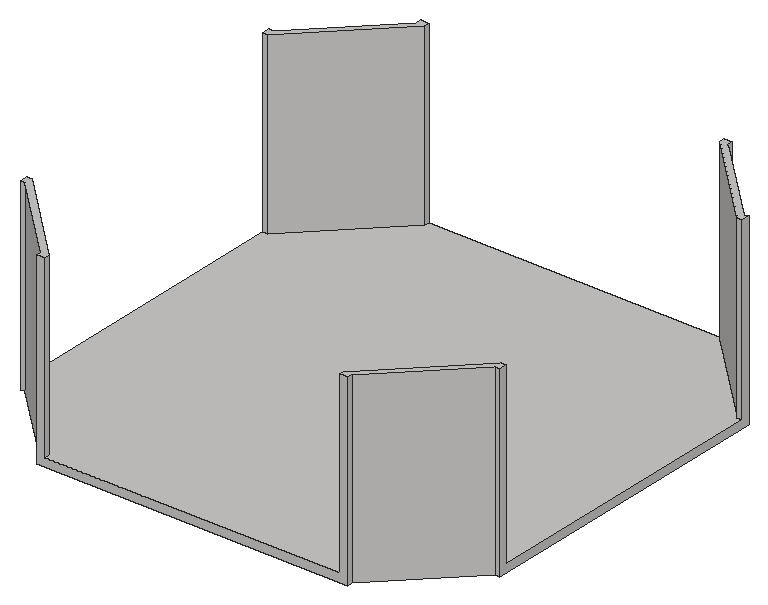
Revit family "Cable_Tray_Fitting-Modular_Channel_Tray-OBO_Bettermann-Channel_Horizontal_Cross_Over_100-300-AZ", category Cable Tray Fittings, Revit 2012
Parameters (values of type "Hot Dipped Galvanised")
  URL = "http://www.obo-bettermann.com/"
  Tray Width 3 [instance] = 100 mm
  Tray Width 1 [instance] = 100 mm
  Tray Length [instance] = 1.588 mm
  Tray Height [instance] = 60 mm
  built-in parameter 1140111 [instance] = 2.58 mm
  Radius Label 1 [instance] = Radius Label + [built-in parameter 1140111]  # 27.98 mm
  Radius Label [instance] = Radius  # 25.4 mm
  Radius = 25.4 mm
  Product Page URL = "http://catalog1.obo-bettermann.com/catalogue/catalogue.do?favOid=kts_433413&act=showIO&lang=de&action=start&catId=KTS&forward=showSolutionView"
  Product Documentation Link = ""
  Pre Galvanized = yes
  Model = "AZ"
  Manufacturer = "OBO Bettermann"
  Description = "Modular AZ Channel Tray"
  Connector Description 4 = "Connector for Cable Tray 4"  # constant formula
  Connector Description 3 = "Connector for Cable Tray 3"  # constant formula
  Connector Description 2 = "Connector for Cable Tray 2"  # constant formula
  Connector Description = "Connector for Cable Tray 1"  # constant formula
  Classification = "Refer to online Catalog for UL and cUL classifed sizes and wire sizes."
  Cable Tray Material = Metal - OBO Bettermann - Hot-Dipped-Galvanised
  Assembly Code = "D5030600"
Types (2, lengths in mm): name | Cable Tray Material
  Hot Dipped Galvanised | Metal - OBO Bettermann - Hot-Dipped-Galvanised
  Strip Galvanised | Metal - OBO Bettermann - Strip-Galvanised
Reference planes
  plane 1 "Center (Front/Back)": y = 0
  plane 2: z = 0
  plane 3 "Center (Left/Right)": x = 0
  plane 4: y = 50
  plane 5: y = -50
  plane 6: z = 30
  plane 7: z = -30
  plane 8: y = -75.4
  plane 9: x = -50
  plane 10: x = 50
  plane 11: x = -75.4
  plane 12: x = 75.4
  plane 13: y = -47.42
  plane 14: y = 47.42
  plane 15: y = -76.988
  plane 16: x = -47.42
  plane 17: x = 47.42
  plane 18: x = -76.987
  plane 19: x = 76.988
  plane 20: z = -27.42
  plane 21: y = 75.4
  plane 22: y = 76.987
Forms (mm)
  Extrusion 1, solid, material "Metal - OBO Bettermann - Hot-Dipped-Galvanised" <- "Cable Tray Material", detail levels medium+fine
    sketch origin (-0.8, 0, 0) x (1, 0, 0) y (0, 1, 0)
      loop
        line (-76.187, -47.42) -> (-76.187, -50) -> (-74.6, -50) -> (-49.2, -75.4) -> (-49.2, -76.988) -> (-46.62, -76.988) -> (-46.62, -75.4) -> (-74.6, -47.42) -> (-76.187, -47.42)
      loop
        line (76.2, -50) -> (77.788, -50) -> (77.788, -47.42) -> (76.2, -47.42) -> (48.22, -75.4) -> (48.22, -76.988) -> (50.8, -76.988) -> (50.8, -75.4) -> (76.2, -50)
      loop
        line (-76.187, 50) -> (-76.187, 47.42) -> (-74.6, 47.42) -> (-46.62, 75.4) -> (-46.62, 76.987) -> (-49.2, 76.987) -> (-49.2, 75.4) -> (-74.6, 50) -> (-76.187, 50)
      loop
        line (48.22, 76.987) -> (48.22, 75.4) -> (76.2, 47.42) -> (77.788, 47.42) -> (77.788, 50) -> (76.2, 50) -> (50.8, 75.4) -> (50.8, 76.987) -> (48.22, 76.987)
    from -30 to 30
  Extrusion 2, solid, material "Metal - OBO Bettermann - Hot-Dipped-Galvanised" <- "Cable Tray Material", detail levels medium+fine
    sketch origin (0, 0, 0) x (1, 0, 0) y (0, 1, 0)
      loop
        line (-76.987, -50) -> (-75.4, -50) -> (-50, -75.4) -> (-50, -76.988) -> (50, -76.988) -> (50, -75.4) -> (75.4, -50) -> (76.988, -50) -> (76.988, 50) -> (75.4, 50) -> (50, 75.4) -> (50, 76.987) -> (-50, 76.987) -> (-50, 75.4) -> (-75.4, 50) -> (-76.987, 50) -> (-76.987, -50)
    from -30 to -27.42
  Extrusion 3, solid, material "Metal - OBO Bettermann - Hot-Dipped-Galvanised" <- "Cable Tray Material", detail levels medium
    sketch origin (0, 0, 0) x (1, 0, 0) y (0, 1, 0)
      loop
        line (-76.987, 50) -> (-76.987, -50) -> (-75.4, -50) -> (-50, -75.4) -> (-50, -76.988) -> (50, -76.988) -> (50, -75.4) -> (75.4, -50) -> (76.988, -50) -> (76.988, 50) -> (75.4, 50) -> (50, 75.4) -> (50, 76.987) -> (-50, 76.987) -> (-50, 75.4) -> (-75.4, 50) -> (-76.987, 50)
    from -30 to 30
Cuts and joins
  joined: Extrusion 1, Extrusion 2
Lines and regions (mm)
  model lines, style "Coarse View", detail levels coarse
    curve 1: line (-76.987, 0, 0) -> (76.988, 0, 0)
    curve 2: line (0, 0, 0) -> (0, -76.988, 0)
    curve 3: line (0, 76.987, 0) -> (0, 0, 0)
  symbolic lines, detail levels fine
    curve 4: line (47.42, 76.987, 0) -> (47.42, 75.4, 0)
    curve 5: line (47.42, 75.4, 0) -> (75.4, 47.42, 0)
    curve 6: line (75.4, 47.42, 0) -> (76.988, 47.42, 0)
    curve 7: line (76.988, -47.42, 0) -> (75.4, -47.42, 0)
    curve 8: line (75.4, -47.42, 0) -> (47.42, -75.4, 0)
    curve 9: line (47.42, -75.4, 0) -> (47.42, -76.988, 0)
    curve 10: line (-47.42, -76.988, 0) -> (-47.42, -75.4, 0)
    curve 11: line (-47.42, -75.4, 0) -> (-75.4, -47.42, 0)
    curve 12: line (-75.4, -47.42, 0) -> (-76.987, -47.42, 0)
Dimensions and locks
  equal spacing: plane 4, plane 1 "Center (Front/Back)", plane 5
  "Tray Width 1": plane 4 to plane 5
  equal spacing: plane 6, plane 2, plane 7
  "Tray Height": plane 6 to plane 7
  "Radius Label": plane 5 to plane 8
  equal spacing: plane 9, plane 3 "Center (Left/Right)", plane 10
  "Tray Width 3": plane 9 to plane 10
  "Radius Label": plane 11 to plane 9
  "Radius Label": plane 10 to plane 12
  "built-in parameter 1140111": plane 13 to plane 5
  "built-in parameter 1140111": plane 4 to plane 14
  "Tray Length": plane 8 to plane 15
  "built-in parameter 1140111": plane 9 to plane 16
  "built-in parameter 1140111": plane 17 to plane 10
  "Tray Length": plane 18 to plane 11
  "Tray Length": plane 12 to plane 19
  "built-in parameter 1140111": plane 20 to plane 7
  "Tray Length": plane 21 to plane 22
  "Radius": plane 21 to plane 4
  aligned and locked: plane 11 to Extrusion 1 sketch curve  (x4)
  aligned and locked: Extrusion 1 sketch curve to plane 13
  aligned and locked: plane 18 to Extrusion 1 sketch curve  (x2)
  aligned and locked: Extrusion 1 sketch curve to plane 5
  aligned and locked: plane 8 to Extrusion 1 sketch curve  (x4)
  aligned and locked: plane 15 to Extrusion 1 sketch curve  (x2)
  aligned and locked: plane 16 to Extrusion 1 sketch curve  (x3)
  aligned and locked: plane 9 to Extrusion 1 sketch curve  (x3)
  aligned and locked: Extrusion 1 sketch curve to plane 15  (x2)
  aligned and locked: Extrusion 1 sketch curve to plane 18  (x2)
  aligned and locked: Extrusion 1 to plane 7
  aligned and locked: plane 6 to Extrusion 1
  aligned and locked: plane 19 to Extrusion 1 sketch curve  (x3)
  aligned and locked: plane 5 to Extrusion 1 sketch curve  (x3)
  aligned and locked: plane 13 to Extrusion 1 sketch curve  (x3)
  aligned and locked: Extrusion 1 sketch curve to plane 19
  aligned and locked: Extrusion 1 sketch curve to plane 17
  aligned and locked: Extrusion 1 sketch curve to plane 10  (x2)
  aligned and locked: plane 10 to Extrusion 1 sketch curve  (x2)
  aligned and locked: plane 17 to Extrusion 1 sketch curve  (x3)
  aligned and locked: plane 18 to Extrusion 2 sketch curve  (x2)
  aligned and locked: plane 11 to Extrusion 2 sketch curve  (x2)
  aligned and locked: Extrusion 2 sketch curve to plane 5
  aligned and locked: plane 4 to Extrusion 2 sketch curve
  aligned and locked: plane 5 to Extrusion 2 sketch curve
  aligned and locked: plane 19 to Extrusion 2 sketch curve  (x2)
  aligned and locked: plane 12 to Extrusion 2 sketch curve  (x2)
  aligned and locked: plane 8 to Extrusion 2 sketch curve  (x2)
  aligned and locked: plane 15 to Extrusion 2 sketch curve
  aligned and locked: plane 10 to Extrusion 2 sketch curve
  aligned and locked: plane 9 to Extrusion 2 sketch curve
  aligned and locked: Extrusion 2 sketch curve to plane 15
  aligned and locked: Extrusion 2 to plane 7
  aligned and locked: plane 20 to Extrusion 2
  aligned and locked: plane 18 to Extrusion 3 sketch curve  (x2)
  aligned and locked: plane 11 to Extrusion 3 sketch curve  (x2)
  aligned and locked: Extrusion 3 sketch curve to plane 5  (x2)
  aligned and locked: plane 4 to Extrusion 3 sketch curve  (x2)
  aligned and locked: plane 5 to Extrusion 3 sketch curve
  aligned and locked: plane 12 to Extrusion 3 sketch curve  (x2)
  aligned and locked: plane 19 to Extrusion 3 sketch curve  (x2)
  aligned and locked: plane 15 to Extrusion 3 sketch curve
  aligned and locked: Extrusion 3 sketch curve to plane 10  (x2)
  aligned and locked: plane 8 to Extrusion 3 sketch curve
  aligned and locked: plane 10 to Extrusion 3 sketch curve
  aligned and locked: plane 9 to Extrusion 3 sketch curve
  aligned and locked: Extrusion 3 sketch curve to plane 15
  aligned and locked: Extrusion 3 to plane 7
  aligned and locked: plane 6 to Extrusion 3
  aligned and locked: plane 19 to curve 1
  aligned and locked: plane 18 to curve 1
  aligned and locked: plane 15 to curve 2
  aligned and locked: plane 1 "Center (Front/Back)" to curve 2
  aligned and locked: curve 2 to plane 3 "Center (Left/Right)"
  aligned and locked: Extrusion 1 sketch curve to plane 14
  aligned and locked: Extrusion 1 sketch curve to plane 4
  aligned and locked: plane 22 to Extrusion 1 sketch curve  (x4)
  aligned and locked: Extrusion 1 sketch curve to plane 9
  aligned and locked: Extrusion 1 sketch curve to plane 16
  aligned and locked: plane 4 to Extrusion 1 sketch curve  (x2)
  aligned and locked: plane 14 to Extrusion 1 sketch curve  (x2)
  aligned and locked: plane 22 to Extrusion 3 sketch curve  (x2)
  aligned and locked: plane 21 to Extrusion 3 sketch curve  (x2)
  aligned and locked: Extrusion 3 sketch curve to plane 9
  aligned and locked: plane 22 to Extrusion 2 sketch curve  (x2)
  aligned and locked: plane 21 to Extrusion 2 sketch curve  (x2)
  aligned and locked: Extrusion 2 sketch curve to plane 9
  aligned and locked: Extrusion 2 sketch curve to plane 10
  aligned and locked: plane 22 to curve 3
  aligned and locked: curve 3 to plane 3 "Center (Left/Right)"
  aligned and locked: plane 12 to Extrusion 1 sketch curve  (x3)
  aligned and locked: plane 21 to Extrusion 1 sketch curve  (x4)
  aligned and locked: Extrusion 3 sketch curve to cut or joined group of Extrusion 1, Extrusion 2  (x4)
  aligned and locked: Extrusion 2 sketch curve to cut or joined group of Extrusion 1, Extrusion 2  (x4)
  aligned and locked: curve 4 to cut or joined group of Extrusion 1, Extrusion 2
  aligned and locked: curve 5 to cut or joined group of Extrusion 1, Extrusion 2
  aligned and locked: curve 6 to cut or joined group of Extrusion 1, Extrusion 2
  aligned and locked: curve 7 to cut or joined group of Extrusion 1, Extrusion 2
  aligned and locked: curve 8 to cut or joined group of Extrusion 1, Extrusion 2
  aligned and locked: curve 9 to cut or joined group of Extrusion 1, Extrusion 2
  aligned and locked: curve 10 to cut or joined group of Extrusion 1, Extrusion 2
  aligned and locked: curve 11 to cut or joined group of Extrusion 1, Extrusion 2
  aligned and locked: curve 12 to cut or joined group of Extrusion 1, Extrusion 2
  aligned and locked: plane 18 to curve 12
  aligned and locked: plane 15 to curve 10
  aligned and locked: plane 15 to curve 9
  aligned and locked: plane 19 to curve 7
  aligned and locked: plane 19 to cut or joined group of Extrusion 1, Extrusion 2
  aligned and locked: plane 19 to curve 6
  aligned and locked: plane 22 to curve 4
  aligned and locked: plane 22 to cut or joined group of Extrusion 1, Extrusion 2
Automatic sketch dimensions
  Extrusion 1 sketch curve to plane 12 = 0 mm
  curve 4 to plane 17 = 0 mm
  curve 5 to plane 12 = 0 mm
  curve 5 to plane 14 = 0 mm
  plane 21 to curve 4 = 0 mm
  curve 8 to plane 8 = 0 mm
  curve 8 to plane 17 = 0 mm
  curve 8 to plane 12 = 0 mm
  curve 7 to plane 13 = 0 mm
  curve 11 to plane 11 = 0 mm
  curve 10 to plane 16 = 0 mm
  curve 10 to plane 8 = 0 mm
  curve 11 to plane 13 = 0 mm
Connectors
  cabletrayconduit at (-76.987, 0, 0), driven by "Tray Height", driven by "Tray Width 1", driven by "Connector Description"
    settings: on Extrusion 3, index 1, connector width 100 mm, connector height 60 mm, connector radius 304.8 mm, connector angle 0.00°, system type 32, placement type 0, profile type 1, connector reference index 2, is primary connector yes, connector utility param no, connector description "Connector for Cable Tray 1"
  cabletrayconduit at (76.988, 0, 0), driven by "Tray Height", driven by "Tray Width 1", driven by "Connector Description 2"
    settings: on Extrusion 3, index 2, connector width 100 mm, connector height 60 mm, connector radius 304.8 mm, connector angle 0.00°, system type 32, placement type 0, profile type 1, connector reference index 1, is primary connector no, connector utility param no, connector description "Connector for Cable Tray 2"
  cabletrayconduit at (0, -76.988, 0), driven by "Tray Height", driven by "Tray Width 3", driven by "Connector Description 3"
    settings: on Extrusion 3, index 3, connector width 100 mm, connector height 60 mm, connector radius 304.8 mm, connector angle 0.00°, system type 32, placement type 0, profile type 1, connector reference index 4, is primary connector no, connector utility param no, connector description "Connector for Cable Tray 3"
  cabletrayconduit at (0, 76.987, 0), driven by "Tray Height", driven by "Tray Width 3", driven by "Connector Description 4"
    settings: on Extrusion 3, index 4, connector width 100 mm, connector height 60 mm, connector radius 304.8 mm, connector angle 0.00°, system type 32, placement type 0, profile type 1, connector reference index 3, is primary connector no, connector utility param no, connector description "Connector for Cable Tray 4"
